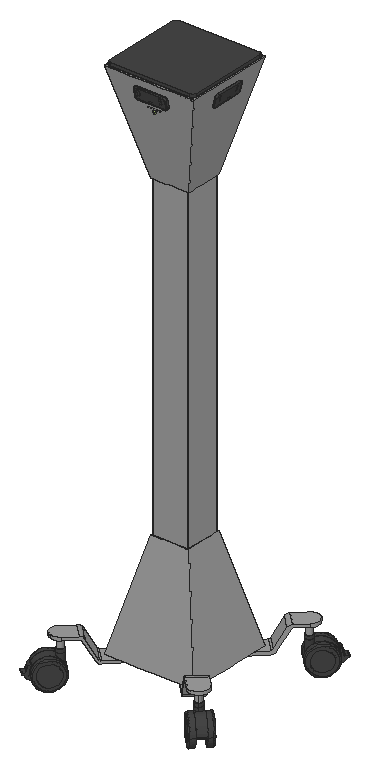
Revit family "Rechargeable Power Tower", category Generic Models, Revit 2018
Family settings
  Can host rebar = No
  Round Connector Dimension = Use Diameter
  Part Type = Normal
  Work Plane-Based = No
  Always vertical = Yes
  Cut with Voids When Loaded = No
  Shared = No
  Room Calculation Point = No
Parameters
  Finish = Rechargeable Power Tower Frame Platinum
Reference planes (in)
  plane 1 "Center (Front/Back)": y = 0
  plane 2: z = 0
  plane 3 "Center (Left/Right)": x = 0
Forms (in)
  Extrusion 1, solid, material "Rechargeable Power Tower Frame Platinum" <- "Finish"
    sketch origin (0.00105, 0.0014, 0) x (1, 0, 0) y (0, 1, 0)
      loop
        arc (-1.4776, -1.39886) -> (-1.45454, -1.45454) -> (-1.39886, -1.4776) r 0.07874
        line (-1.39886, -1.4776) -> (1.39886, -1.4776)
        arc (1.39886, -1.4776) -> (1.45281, -1.45526) -> (1.47515, -1.40132) r 0.07629
        line (1.47515, -1.40132) -> (1.47515, 1.39641)
        arc (1.47515, 1.39641) -> (1.45209, 1.45209) -> (1.39641, 1.47515) r 0.07874
        line (1.39641, 1.47515) -> (-1.41836, 1.47515)
        arc (-1.41836, 1.47515) -> (-1.46105, 1.44716) -> (-1.4776, 1.39886) r 0.07874
        line (-1.4776, 1.39886) -> (-1.4776, -1.39886)
    from 10.70021 to 36.96889
  SweptBlend 2, solid, material "Rechargeable Power Tower Frame Platinum" <- "Finish"
    path origin (0.00105, 0.0014, 0) x (1, 0, 0) y (0, 0, 1)
      loop
        line (-0.00123, 10.70021) -> (-0.00123, 2.0863)
    profile origin (-0.00018, 0.0014, 10.70021) x (0, -1, 0) y (1, 0, 0)
      loop
        line (1.56175, 1.56052) -> (-1.5593, 1.56052) -> (-1.5593, -1.56052) -> (1.56175, -1.56052) -> (1.56175, 1.56052)
    end profile origin (-0.00018, 0.0014, 2.0863) x (0, -1, 0) y (1, 0, 0)
      loop
        line (3.66264, -3.66106) -> (3.66229, 3.66141) -> (-3.66019, 3.66106) -> (-3.65984, -3.66141) -> (3.66264, -3.66106)
  Extrusion 3, solid, material "Rechargeable Power Tower Frame Platinum" <- "Finish"
    sketch origin (-0.00018, 0.00191, 0) x (0.707107, 0.707107, 0) y (0, 0, 1)
      loop
        arc (-6.86022, 3.70047) -> (-6.78148, 3.67937) -> (-6.72383, 3.62173) r 0.15748
        line (-6.72383, 3.62173) -> (-5.81462, 2.04693)
        arc (-5.81462, 2.04693) -> (-5.67052, 1.90282) -> (-5.47367, 1.85008) r 0.3937
        line (-5.47367, 1.85008) -> (-1.73351, 1.85008) -> (-1.73351, 2.0863) -> (-5.47367, 2.0863)
        arc (-5.47367, 2.0863) -> (-5.55241, 2.10739) -> (-5.61005, 2.16504) r 0.15748
        line (-5.61005, 2.16504) -> (-6.51926, 3.73984)
        arc (-6.51926, 3.73984) -> (-6.66337, 3.88394) -> (-6.86022, 3.93669) r 0.3937
        line (-6.86022, 3.93669) -> (-8.82012, 3.93669) -> (-8.82012, 3.70047) -> (-6.86022, 3.70047)
    from -0.78618 to 0.78863
  Extrusion 4, solid, material "Rechargeable Power Tower Frame Platinum" <- "Finish"
    sketch origin (-0.00018, 0.00191, 0) x (0.707107, -0.707107, 0) y (0, 0, -1)
      loop
        line (-6.86022, -3.70047) -> (-8.82012, -3.70047) -> (-8.82012, -3.93669) -> (-6.86022, -3.93669)
        arc (-6.86022, -3.93669) -> (-6.66337, -3.88394) -> (-6.51926, -3.73984) r 0.3937
        line (-6.51926, -3.73984) -> (-5.61005, -2.16504)
        arc (-5.61005, -2.16504) -> (-5.55241, -2.10739) -> (-5.47367, -2.0863) r 0.15748
        line (-5.47367, -2.0863) -> (-1.73351, -2.0863) -> (-1.73351, -1.85008) -> (-5.47367, -1.85008)
        arc (-5.47367, -1.85008) -> (-5.67052, -1.90282) -> (-5.81462, -2.04693) r 0.3937
        line (-5.81462, -2.04693) -> (-6.72383, -3.62173)
        arc (-6.72383, -3.62173) -> (-6.78148, -3.67937) -> (-6.86022, -3.70047) r 0.15748
    from -0.78618 to 0.78863
  Extrusion 5, solid, material "Rechargeable Power Tower Frame Platinum" <- "Finish"
    sketch origin (-0.00018, 0.00191, 0) x (-0.707107, 0.707107, 0) y (0, 0, 1)
      loop
        arc (-6.86022, 3.70047) -> (-6.78148, 3.67937) -> (-6.72383, 3.62173) r 0.15748
        line (-6.72383, 3.62173) -> (-5.81462, 2.04693)
        arc (-5.81462, 2.04693) -> (-5.67052, 1.90282) -> (-5.47367, 1.85008) r 0.3937
        line (-5.47367, 1.85008) -> (-1.73351, 1.85008) -> (-1.73351, 2.0863) -> (-5.47367, 2.0863)
        arc (-5.47367, 2.0863) -> (-5.55241, 2.10739) -> (-5.61005, 2.16504) r 0.15748
        line (-5.61005, 2.16504) -> (-6.51926, 3.73984)
        arc (-6.51926, 3.73984) -> (-6.66337, 3.88394) -> (-6.86022, 3.93669) r 0.3937
        line (-6.86022, 3.93669) -> (-8.82012, 3.93669) -> (-8.82012, 3.70047) -> (-6.86022, 3.70047)
    from -0.78618 to 0.78863
  Extrusion 6, solid, material "Rechargeable Power Tower Frame Platinum" <- "Finish"
    sketch origin (-0.00018, 0.00191, 0) x (-0.707107, -0.707107, 0) y (0, 0, -1)
      loop
        line (-6.86022, -3.70047) -> (-8.82012, -3.70047) -> (-8.82012, -3.93669) -> (-6.86022, -3.93669)
        arc (-6.86022, -3.93669) -> (-6.66337, -3.88394) -> (-6.51926, -3.73984) r 0.3937
        line (-6.51926, -3.73984) -> (-5.61005, -2.16504)
        arc (-5.61005, -2.16504) -> (-5.55241, -2.10739) -> (-5.47367, -2.0863) r 0.15748
        line (-5.47367, -2.0863) -> (-1.73351, -2.0863) -> (-1.73351, -1.85008) -> (-5.47367, -1.85008)
        arc (-5.47367, -1.85008) -> (-5.67052, -1.90282) -> (-5.81462, -2.04693) r 0.3937
        line (-5.81462, -2.04693) -> (-6.72383, -3.62173)
        arc (-6.72383, -3.62173) -> (-6.78148, -3.67937) -> (-6.86022, -3.70047) r 0.15748
    from -0.78618 to 0.78863
  Extrusion 7, void
    sketch origin (-0.00018, 0.00191, 0) x (0.707107, 0.707107, 0) y (-0.707107, 0.707107, 0)
      loop
        line (-8.03272, 0.78618) -> (-8.03272, 1.96137) -> (-10.03272, 1.96137) -> (-10.03272, -1.78863) -> (-8.03272, -1.78863) -> (-8.03272, -0.78863)
        arc (-8.03272, -0.78863) -> (-8.82012, -0.00123) -> (-8.03272, 0.78618) r 0.7874
      loop
        arc (-0.78618, 8.03272) -> (0.00123, 8.82012) -> (0.78863, 8.03272) r 0.7874
        line (0.78863, 8.03272) -> (1.78863, 8.03272) -> (1.78863, 10.03272) -> (-1.96137, 10.03272) -> (-1.96137, 8.03272) -> (-0.78618, 8.03272)
      loop
        line (-0.78618, -8.03272) -> (-1.96137, -8.03272) -> (-1.96137, -10.03272) -> (1.78863, -10.03272) -> (1.78863, -8.03272) -> (0.78863, -8.03272)
        arc (0.78863, -8.03272) -> (0.00123, -8.82012) -> (-0.78618, -8.03272) r 0.7874
      loop
        arc (8.03272, 0.78618) -> (8.82012, -0.00123) -> (8.03272, -0.78863) r 0.7874
        line (8.03272, -0.78863) -> (8.03272, -1.78863) -> (10.03272, -1.78863) -> (10.03272, 1.96137) -> (8.03272, 1.96137) -> (8.03272, 0.78618)
    from 0 to 12
  Extrusion 8, solid, material "Rechargeable Power Tower Frame Platinum" <- "Finish"
    sketch origin (-0.00018, 0.00191, 0) x (0.707107, 0.707107, 0) y (-0.707107, 0.707107, 0)
      loop
        circle (-8.03443, 0) r 0.35301
    from 3.54299 to 3.70047
  Extrusion 9, solid, material "Rechargeable Power Tower Frame Platinum" <- "Finish"
    sketch origin (-0.00018, 0.00191, 0) x (0.707107, 0.707107, 0) y (-0.707107, 0.707107, 0)
      loop
        circle (-8.03302, 0) r 0.23735
    from 2.83433 to 3.54299
  Extrusion 10, solid, material "Rechargeable Power Tower Frame Platinum"
    sketch origin (-0.00018, 0.00191, 0) x (0.707107, 0.707107, 0) y (-0.707107, 0.707107, 0)
      loop
        circle (-8.03312, 0) r 0.16069
    from 2.75559 to 2.83433
  Extrusion 11, solid, material "Rechargeable Power Tower Black"
    sketch origin (-0.00018, 0.00191, 0) x (0.707107, 0.707107, 0) y (-0.707107, 0.707107, 0)
      loop
        circle (-8.03367, 0) r 0.31672
    from 2.55874 to 2.75559
  Revolve 12, solid, material "Rechargeable Power Tower Black"
    sketch origin (-0.00018, 0.00191, 0) x (0.707107, 0.707107, 0) y (0, 0, 1)
      loop
        arc (-7.76518, 2.55874) -> (-7.73732, 2.5472) -> (-7.72578, 2.51934) r 0.0394
        line (-7.72578, 2.51934) -> (-7.72578, 1.618) -> (-8.03367, 1.618) -> (-8.03367, 2.55874) -> (-7.76077, 2.55874)
      axis (-8.03367, 2.55874) -> (-8.03367, 1.618)
    angle from 0 to 360
  Extrusion 13, solid, material "Rechargeable Power Tower Black"
    sketch origin (-0.00018, 0.00191, 0) x (0.707107, 0.707107, 0) y (0, 0, 1)
      loop
        circle (-8.82232, 1.17695) r 0.84819
    from 0.41394 to 0.86669
  Sweep 14, solid, material "Rechargeable Power Tower Black"
    path origin (-0.00018, 0.00191, 0) x (0.707107, 0.707107, 0) y (0, 0, 1)
      loop
        circle (-8.82232, 1.17695) r 0.84819
    profile origin (-6.2385, -6.23641, 2.02514) x (0, 0, -1) y (0.707107, -0.707107, 0)
      loop
        line (0, 0.41384) -> (0, 0.86669) -> (-0.25869, 0.86669)
        arc (-0.25869, 0.86669) -> (-0.31389, 0.84383) -> (-0.33676, 0.78863) r 0.07807
        line (-0.33676, 0.78863) -> (-0.33676, 0.41384) -> (0, 0.41384)
  Extrusion 15, solid, material "Rechargeable Power Tower Black"
    sketch origin (-0.00018, 0.00191, 0) x (0.707107, 0.707107, 0) y (0, 0, -1)
      loop
        circle (-8.82232, -1.17695) r 0.84819
    from 0.41394 to 0.86669
  Sweep 16, solid, material "Rechargeable Power Tower Black"
    path origin (-0.00018, 0.00191, 0) x (0.707107, 0.707107, 0) y (0, 0, -1)
      loop
        circle (-8.82232, -1.17695) r 0.84819
    profile origin (-6.2385, -6.23641, 2.02514) x (0, 0, 1) y (-0.707107, 0.707107, 0)
      loop
        line (0, 0.41384) -> (0.33676, 0.41384) -> (0.33676, 0.78863)
        arc (0.33676, 0.78863) -> (0.31389, 0.84383) -> (0.25869, 0.86669) r 0.07807
        line (0.25869, 0.86669) -> (0, 0.86669) -> (0, 0.41384)
  Extrusion 17, solid, material "Rechargeable Power Tower Black"
    sketch origin (-0.00018, 0.00191, 0) x (0.707107, 0.707107, 0) y (0, 0, 1)
      loop
        arc (-9.45031, 1.18078) -> (-9.42247, 1.16925) -> (-9.41094, 1.14141) r 0.03937
        line (-9.41094, 1.14141) -> (-9.41094, 0.82645)
        arc (-9.41094, 0.82645) -> (-9.39941, 0.79862) -> (-9.37157, 0.78708) r 0.03937
        line (-9.37157, 0.78708) -> (-7.7345, 0.78708)
        arc (-7.7345, 0.78708) -> (-7.70916, 0.79632) -> (-7.69571, 0.81969) r 0.03937
        arc (-7.69571, 0.81969) -> (-8.61631, 2.3511) -> (-10.00077, 1.2215) r 1.18199
        arc (-10.00077, 1.2215) -> (-9.98975, 1.1928) -> (-9.96145, 1.18078) r 0.03935
        line (-9.96145, 1.18078) -> (-9.45031, 1.18078)
    from -0.35425 to 0.35441
  Extrusion 18, solid, material "Rechargeable Power Tower Frame Platinum" <- "Finish"
    sketch origin (-0.00018, 0.00191, 0) x (0.707107, -0.707107, 0) y (0.707107, 0.707107, 0)
      loop
        circle (-8.03443, 0) r 0.35301
    from 3.54299 to 3.70047
  Extrusion 19, solid, material "Rechargeable Power Tower Frame Platinum" <- "Finish"
    sketch origin (-0.00018, 0.00191, 0) x (0.707107, -0.707107, 0) y (0.707107, 0.707107, 0)
      loop
        circle (-8.03302, 0) r 0.23735
    from 2.83433 to 3.54299
  Extrusion 20, solid, material "Rechargeable Power Tower Frame Platinum"
    sketch origin (-0.00018, 0.00191, 0) x (0.707107, -0.707107, 0) y (0.707107, 0.707107, 0)
      loop
        circle (-8.03312, 0) r 0.16069
    from 2.75559 to 2.83433
  Extrusion 21, solid, material "Rechargeable Power Tower Black"
    sketch origin (-0.00018, 0.00191, 0) x (0.707107, -0.707107, 0) y (0.707107, 0.707107, 0)
      loop
        circle (-8.03367, 0) r 0.31672
    from 2.55874 to 2.75559
  Revolve 22, solid, material "Rechargeable Power Tower Black"
    sketch origin (-0.00018, 0.00191, 0) x (0.707107, -0.707107, 0) y (0, 0, -1)
      loop
        arc (-7.76518, -2.55874) -> (-7.73732, -2.5472) -> (-7.72578, -2.51934) r 0.0394
        line (-7.72578, -2.51934) -> (-7.72578, -1.618) -> (-8.03367, -1.618) -> (-8.03367, -2.55874) -> (-7.76077, -2.55874)
      axis (-8.03367, -2.55874) -> (-8.03367, -1.618)
    angle from 0 to 360
  Extrusion 23, solid, material "Rechargeable Power Tower Black"
    sketch origin (-0.00018, 0.00191, 0) x (0.707107, -0.707107, 0) y (0, 0, -1)
      loop
        circle (-8.82232, -1.17695) r 0.84819
    from 0.41394 to 0.86669
  Sweep 24, solid, material "Rechargeable Power Tower Black"
    path origin (-0.00018, 0.00191, 0) x (0.707107, -0.707107, 0) y (0, 0, -1)
      loop
        circle (-8.82232, -1.17695) r 0.84819
    profile origin (-6.2385, 6.24023, 2.02514) x (0, 0, 1) y (0.707107, 0.707107, 0)
      loop
        line (0, 0.41384) -> (0.33676, 0.41384) -> (0.33676, 0.78863)
        arc (0.33676, 0.78863) -> (0.31389, 0.84383) -> (0.25869, 0.86669) r 0.07807
        line (0.25869, 0.86669) -> (0, 0.86669) -> (0, 0.41384)
  Extrusion 25, solid, material "Rechargeable Power Tower Black"
    sketch origin (-0.00018, 0.00191, 0) x (0.707107, -0.707107, 0) y (0, 0, 1)
      loop
        circle (-8.82232, 1.17695) r 0.84819
    from 0.41394 to 0.86669
  Sweep 26, solid, material "Rechargeable Power Tower Black"
    path origin (-0.00018, 0.00191, 0) x (0.707107, -0.707107, 0) y (0, 0, 1)
      loop
        circle (-8.82232, 1.17695) r 0.84819
    profile origin (-6.2385, 6.24023, 2.02514) x (0, 0, -1) y (-0.707107, -0.707107, 0)
      loop
        line (0, 0.41384) -> (0, 0.86669) -> (-0.25869, 0.86669)
        arc (-0.25869, 0.86669) -> (-0.31389, 0.84383) -> (-0.33676, 0.78863) r 0.07807
        line (-0.33676, 0.78863) -> (-0.33676, 0.41384) -> (0, 0.41384)
  Extrusion 27, solid, material "Rechargeable Power Tower Black"
    sketch origin (-0.00018, 0.00191, 0) x (0.707107, -0.707107, 0) y (0, 0, -1)
      loop
        line (-9.45031, -1.18078) -> (-9.96145, -1.18078)
        arc (-9.96145, -1.18078) -> (-9.98975, -1.1928) -> (-10.00077, -1.2215) r 0.03935
        arc (-10.00077, -1.2215) -> (-8.61631, -2.3511) -> (-7.69571, -0.81969) r 1.18199
        arc (-7.69571, -0.81969) -> (-7.70916, -0.79632) -> (-7.7345, -0.78708) r 0.03937
        line (-7.7345, -0.78708) -> (-9.37157, -0.78708)
        arc (-9.37157, -0.78708) -> (-9.39941, -0.79862) -> (-9.41094, -0.82645) r 0.03937
        line (-9.41094, -0.82645) -> (-9.41094, -1.14141)
        arc (-9.41094, -1.14141) -> (-9.42247, -1.16925) -> (-9.45031, -1.18078) r 0.03937
    from -0.35425 to 0.35441
  Extrusion 28, solid, material "Rechargeable Power Tower Frame Platinum" <- "Finish"
    sketch origin (-0.00018, 0.00191, 0) x (-0.707107, -0.707107, 0) y (0.707107, -0.707107, 0)
      loop
        circle (-8.03443, 0) r 0.35301
    from 3.54299 to 3.70047
  Extrusion 29, solid, material "Rechargeable Power Tower Frame Platinum" <- "Finish"
    sketch origin (-0.00018, 0.00191, 0) x (-0.707107, -0.707107, 0) y (0.707107, -0.707107, 0)
      loop
        circle (-8.03302, 0) r 0.23735
    from 2.83433 to 3.54299
  Extrusion 30, solid, material "Rechargeable Power Tower Frame Platinum"
    sketch origin (-0.00018, 0.00191, 0) x (-0.707107, -0.707107, 0) y (0.707107, -0.707107, 0)
      loop
        circle (-8.03312, 0) r 0.16069
    from 2.75559 to 2.83433
  Extrusion 31, solid, material "Rechargeable Power Tower Black"
    sketch origin (-0.00018, 0.00191, 0) x (-0.707107, -0.707107, 0) y (0.707107, -0.707107, 0)
      loop
        circle (-8.03367, 0) r 0.31672
    from 2.55874 to 2.75559
  Revolve 32, solid, material "Rechargeable Power Tower Black"
    sketch origin (-0.00018, 0.00191, 0) x (-0.707107, -0.707107, 0) y (0, 0, 1)
      loop
        arc (-7.76518, 2.55874) -> (-7.73732, 2.5472) -> (-7.72578, 2.51934) r 0.0394
        line (-7.72578, 2.51934) -> (-7.72578, 1.618) -> (-8.03367, 1.618) -> (-8.03367, 2.55874) -> (-7.76077, 2.55874)
      axis (-8.03367, 2.55874) -> (-8.03367, 1.618)
    angle from 0 to 360
  Extrusion 33, solid, material "Rechargeable Power Tower Black"
    sketch origin (-0.00018, 0.00191, 0) x (-0.707107, -0.707107, 0) y (0, 0, 1)
      loop
        circle (-8.82232, 1.17695) r 0.84819
    from 0.41394 to 0.86669
  Sweep 34, solid, material "Rechargeable Power Tower Black"
    path origin (-0.00018, 0.00191, 0) x (-0.707107, -0.707107, 0) y (0, 0, 1)
      loop
        circle (-8.82232, 1.17695) r 0.84819
    profile origin (6.23815, 6.24023, 2.02514) x (0, 0, -1) y (-0.707107, 0.707107, 0)
      loop
        line (0, 0.41384) -> (0, 0.86669) -> (-0.25869, 0.86669)
        arc (-0.25869, 0.86669) -> (-0.31389, 0.84383) -> (-0.33676, 0.78863) r 0.07807
        line (-0.33676, 0.78863) -> (-0.33676, 0.41384) -> (0, 0.41384)
  Extrusion 35, solid, material "Rechargeable Power Tower Black"
    sketch origin (-0.00018, 0.00191, 0) x (-0.707107, -0.707107, 0) y (0, 0, -1)
      loop
        circle (-8.82232, -1.17695) r 0.84819
    from 0.41394 to 0.86669
  Sweep 36, solid, material "Rechargeable Power Tower Black"
    path origin (-0.00018, 0.00191, 0) x (-0.707107, -0.707107, 0) y (0, 0, -1)
      loop
        circle (-8.82232, -1.17695) r 0.84819
    profile origin (6.23815, 6.24023, 2.02514) x (0, 0, 1) y (0.707107, -0.707107, 0)
      loop
        line (0, 0.41384) -> (0.33676, 0.41384) -> (0.33676, 0.78863)
        arc (0.33676, 0.78863) -> (0.31389, 0.84383) -> (0.25869, 0.86669) r 0.07807
        line (0.25869, 0.86669) -> (0, 0.86669) -> (0, 0.41384)
  Extrusion 37, solid, material "Rechargeable Power Tower Black"
    sketch origin (-0.00018, 0.00191, 0) x (-0.707107, -0.707107, 0) y (0, 0, 1)
      loop
        arc (-9.45031, 1.18078) -> (-9.42247, 1.16925) -> (-9.41094, 1.14141) r 0.03937
        line (-9.41094, 1.14141) -> (-9.41094, 0.82645)
        arc (-9.41094, 0.82645) -> (-9.39941, 0.79862) -> (-9.37157, 0.78708) r 0.03937
        line (-9.37157, 0.78708) -> (-7.7345, 0.78708)
        arc (-7.7345, 0.78708) -> (-7.70916, 0.79632) -> (-7.69571, 0.81969) r 0.03937
        arc (-7.69571, 0.81969) -> (-8.61631, 2.3511) -> (-10.00077, 1.2215) r 1.18199
        arc (-10.00077, 1.2215) -> (-9.98975, 1.1928) -> (-9.96145, 1.18078) r 0.03935
        line (-9.96145, 1.18078) -> (-9.45031, 1.18078)
    from -0.35425 to 0.35441
  Extrusion 38, solid, material "Rechargeable Power Tower Frame Platinum" <- "Finish"
    sketch origin (-0.00018, 0.00191, 0) x (-0.707107, 0.707107, 0) y (-0.707107, -0.707107, 0)
      loop
        circle (-8.03443, 0) r 0.35301
    from 3.54299 to 3.70047
  Extrusion 39, solid, material "Rechargeable Power Tower Frame Platinum" <- "Finish"
    sketch origin (-0.00018, 0.00191, 0) x (-0.707107, 0.707107, 0) y (-0.707107, -0.707107, 0)
      loop
        circle (-8.03302, 0) r 0.23735
    from 2.83433 to 3.54299
  Extrusion 40, solid, material "Rechargeable Power Tower Frame Platinum"
    sketch origin (-0.00018, 0.00191, 0) x (-0.707107, 0.707107, 0) y (-0.707107, -0.707107, 0)
      loop
        circle (-8.03312, 0) r 0.16069
    from 2.75559 to 2.83433
  Extrusion 41, solid, material "Rechargeable Power Tower Black"
    sketch origin (-0.00018, 0.00191, 0) x (-0.707107, 0.707107, 0) y (-0.707107, -0.707107, 0)
      loop
        circle (-8.03367, 0) r 0.31672
    from 2.55874 to 2.75559
  Revolve 42, solid, material "Rechargeable Power Tower Black"
    sketch origin (-0.00018, 0.00191, 0) x (-0.707107, 0.707107, 0) y (0, 0, -1)
      loop
        arc (-7.76518, -2.55874) -> (-7.73732, -2.5472) -> (-7.72578, -2.51934) r 0.0394
        line (-7.72578, -2.51934) -> (-7.72578, -1.618) -> (-8.03367, -1.618) -> (-8.03367, -2.55874) -> (-7.76077, -2.55874)
      axis (-8.03367, -2.55874) -> (-8.03367, -1.618)
    angle from 0 to 360
  Extrusion 43, solid, material "Rechargeable Power Tower Black"
    sketch origin (-0.00018, 0.00191, 0) x (-0.707107, 0.707107, 0) y (0, 0, -1)
      loop
        circle (-8.82232, -1.17695) r 0.84819
    from 0.41394 to 0.86669
  Sweep 44, solid, material "Rechargeable Power Tower Black"
    path origin (-0.00018, 0.00191, 0) x (-0.707107, 0.707107, 0) y (0, 0, -1)
      loop
        circle (-8.82232, -1.17695) r 0.84819
    profile origin (6.23815, -6.23641, 2.02514) x (0, 0, 1) y (-0.707107, -0.707107, 0)
      loop
        line (0, 0.41384) -> (0.33676, 0.41384) -> (0.33676, 0.78863)
        arc (0.33676, 0.78863) -> (0.31389, 0.84383) -> (0.25869, 0.86669) r 0.07807
        line (0.25869, 0.86669) -> (0, 0.86669) -> (0, 0.41384)
  Extrusion 45, solid, material "Rechargeable Power Tower Black"
    sketch origin (-0.00018, 0.00191, 0) x (-0.707107, 0.707107, 0) y (0, 0, 1)
      loop
        circle (-8.82232, 1.17695) r 0.84819
    from 0.41394 to 0.86669
  Sweep 46, solid, material "Rechargeable Power Tower Black"
    path origin (-0.00018, 0.00191, 0) x (-0.707107, 0.707107, 0) y (0, 0, 1)
      loop
        circle (-8.82232, 1.17695) r 0.84819
    profile origin (6.23815, -6.23641, 2.02514) x (0, 0, -1) y (0.707107, 0.707107, 0)
      loop
        line (0, 0.41384) -> (0, 0.86669) -> (-0.25869, 0.86669)
        arc (-0.25869, 0.86669) -> (-0.31389, 0.84383) -> (-0.33676, 0.78863) r 0.07807
        line (-0.33676, 0.78863) -> (-0.33676, 0.41384) -> (0, 0.41384)
  Extrusion 47, solid, material "Rechargeable Power Tower Black"
    sketch origin (-0.00018, 0.00191, 0) x (-0.707107, 0.707107, 0) y (0, 0, -1)
      loop
        line (-9.45031, -1.18078) -> (-9.96145, -1.18078)
        arc (-9.96145, -1.18078) -> (-9.98975, -1.1928) -> (-10.00077, -1.2215) r 0.03935
        arc (-10.00077, -1.2215) -> (-8.61631, -2.3511) -> (-7.69571, -0.81969) r 1.18199
        arc (-7.69571, -0.81969) -> (-7.70916, -0.79632) -> (-7.7345, -0.78708) r 0.03937
        line (-7.7345, -0.78708) -> (-9.37157, -0.78708)
        arc (-9.37157, -0.78708) -> (-9.39941, -0.79862) -> (-9.41094, -0.82645) r 0.03937
        line (-9.41094, -0.82645) -> (-9.41094, -1.14141)
        arc (-9.41094, -1.14141) -> (-9.42247, -1.16925) -> (-9.45031, -1.18078) r 0.03937
    from -0.35425 to 0.35441
  Extrusion 48, solid, material "Rechargeable Power Tower Black"
    sketch origin (0.51656, -1.24213, 0) x (0.707107, 0.707107, 0) y (0, 0, 1)
      loop
        arc (-9.45712, 1.76975) -> (-9.45787, 1.79616) -> (-9.48427, 1.79724) r 0.01937
        arc (-9.48427, 1.79724) -> (-9.59339, 1.70857) -> (-9.65917, 1.58431) r 0.35251
        arc (-9.65917, 1.58431) -> (-9.68877, 1.4673) -> (-9.70932, 1.34837) r 1.57482
        arc (-9.70932, 1.34837) -> (-9.73956, 1.2814) -> (-9.80167, 1.24213) r 0.12789
        line (-9.80167, 1.24213) -> (-10.05267, 1.17487)
        arc (-10.05267, 1.17487) -> (-10.06688, 1.16066) -> (-10.06168, 1.14125) r 0.02009
        line (-10.06168, 1.14125) -> (-9.98195, 1.07195) -> (-9.90932, 1.09141)
        arc (-9.90932, 1.09141) -> (-9.42147, 0.72021) -> (-9.00863, 1.17336) r 0.45398
        line (-9.00863, 1.17336) -> (-9.24759, 1.17336) -> (-9.31578, 1.05525)
        arc (-9.31578, 1.05525) -> (-9.46227, 0.97449) -> (-9.60192, 1.06657) r 0.16176
        line (-9.60192, 1.06657) -> (-9.60192, 1.20002)
        arc (-9.60192, 1.20002) -> (-9.56487, 1.4939) -> (-9.45712, 1.76975) r 1.19601
    from -1.58739 to -0.87872
  Extrusion 49, solid, material "Rechargeable Power Tower Black"
    sketch origin (1.24213, -0.51656, 0) x (-0.707107, -0.707107, 0) y (0, 0, -1)
      loop
        arc (-9.45712, -1.76975) -> (-9.56487, -1.4939) -> (-9.60192, -1.20002) r 1.19601
        line (-9.60192, -1.20002) -> (-9.60192, -1.06657)
        arc (-9.60192, -1.06657) -> (-9.46227, -0.97449) -> (-9.31578, -1.05525) r 0.16176
        line (-9.31578, -1.05525) -> (-9.24759, -1.17336) -> (-9.00863, -1.17336)
        arc (-9.00863, -1.17336) -> (-9.42147, -0.72021) -> (-9.90932, -1.09141) r 0.45398
        line (-9.90932, -1.09141) -> (-9.98195, -1.07195) -> (-10.06168, -1.14125)
        arc (-10.06168, -1.14125) -> (-10.06688, -1.16066) -> (-10.05267, -1.17487) r 0.02009
        line (-10.05267, -1.17487) -> (-9.80167, -1.24213)
        arc (-9.80167, -1.24213) -> (-9.73956, -1.2814) -> (-9.70932, -1.34837) r 0.12789
        arc (-9.70932, -1.34837) -> (-9.68877, -1.4673) -> (-9.65917, -1.58431) r 1.57482
        arc (-9.65917, -1.58431) -> (-9.59339, -1.70857) -> (-9.48427, -1.79724) r 0.35251
        arc (-9.48427, -1.79724) -> (-9.45787, -1.79616) -> (-9.45712, -1.76975) r 0.01937
    from -1.58739 to -0.87872
  SweptBlend 50, solid, material "Rechargeable Power Tower Frame Platinum" <- "Finish"
    path origin (0.00105, 0.0014, 47.6691) x (1, 0, 0) y (0, 0, 1)
      loop
        line (-0.00123, -10.70021) -> (-0.00123, -2.26721)
    profile origin (-0.00018, 0.0014, 36.96889) x (-1, 0, 0) y (0, -1, 0)
      loop
        line (-1.56052, 1.56175) -> (-1.56052, -1.5593) -> (1.56052, -1.5593) -> (1.56052, 1.56175) -> (-1.56052, 1.56175)
    end profile origin (-0.00018, 0.0014, 45.40189) x (-1, 0, 0) y (0, -1, 0)
      loop
        line (3.66106, 3.66264) -> (-3.66141, 3.66229) -> (-3.66106, -3.66019) -> (3.66141, -3.65984) -> (3.66106, 3.66264)
  Extrusion 51, solid, material "Rechargeable Power Tower Frame Platinum" <- "Finish"
    sketch origin (0.00105, 0.0014, 5.89748) x (1, 0, 0) y (0, 1, 0)
      loop
        line (3.58756, 3.58756) -> (-3.59001, 3.58756) -> (-3.59001, -3.59001) -> (3.58756, -3.59001) -> (3.58756, 3.58756)
    from 39.50441 to 39.59785
  Sweep 52, solid, material "Rechargeable Power Tower Frame Platinum" <- "Finish"
    path origin (0.00105, 0.0014, 5.89748) x (1, 0, 0) y (0, 1, 0)
      loop
        line (-3.59001, 3.58756) -> (-3.59001, -3.59001) -> (3.58756, -3.59001) -> (3.58756, 3.58756) -> (-3.59001, 3.58756)
    profile origin (-3.58896, 0.00018, 5.89748) x (1, 0, 0) y (0, 0, 1)
      loop
        line (-0.07227, 39.50441) -> (0.00245, 39.50441) -> (0.00245, 39.59785)
        arc (0.00245, 39.59785) -> (-0.05792, 39.56954) -> (-0.07227, 39.50441) r 0.07545
  Extrusion 53, solid, material "Rechargeable Power Tower Black"
    sketch origin (0.00105, 0.0014, 5.89748) x (1, 0, 0) y (0, 1, 0)
      loop
        line (-3.34768, 2.95153) -> (-3.34768, -2.95398)
        arc (-3.34768, -2.95398) -> (-3.23237, -3.23237) -> (-2.95398, -3.34768) r 0.3937
        line (-2.95398, -3.34768) -> (2.95153, -3.34768)
        arc (2.95153, -3.34768) -> (3.22992, -3.23237) -> (3.34523, -2.95398) r 0.3937
        line (3.34523, -2.95398) -> (3.34523, 2.95153)
        arc (3.34523, 2.95153) -> (3.22992, 3.22992) -> (2.95153, 3.34523) r 0.3937
        line (2.95153, 3.34523) -> (-2.95398, 3.34523)
        arc (-2.95398, 3.34523) -> (-3.23237, 3.22992) -> (-3.34768, 2.95153) r 0.3937
    from 39.59785 to 39.67659
  Extrusion 54, solid, material "Rechargeable Power Tower Black"
    sketch origin (0, 0, 0) x (1, 0, 0) y (0, 1, 0)
      loop
        arc (-3.2273, 3.54713) -> (-3.45001, 3.45488) -> (-3.54226, 3.23217) r 0.31496
        line (-3.54226, 3.23217) -> (-3.54226, -3.22452)
        arc (-3.54226, -3.22452) -> (-3.45001, -3.44723) -> (-3.2273, -3.53948) r 0.31496
        line (-3.2273, -3.53948) -> (3.2294, -3.53948)
        arc (3.2294, -3.53948) -> (3.45211, -3.44723) -> (3.54436, -3.22452) r 0.31496
        line (3.54436, -3.22452) -> (3.54436, 3.23217)
        arc (3.54436, 3.23217) -> (3.45211, 3.45488) -> (3.2294, 3.54713) r 0.31496
        line (3.2294, 3.54713) -> (-3.2273, 3.54713)
    from 45.49533 to 45.69278
  Extrusion 55, solid, material "Rechargeable Power Tower Black"
    sketch origin (0, 1.3152, -0.54674) x (1, 0, 0) y (0, -0.239381, 0.970926)
      loop
        line (0.59357, 5.15965) -> (0.59357, 6.18573)
        arc (0.59357, 6.18573) -> (0.5682, 6.24698) -> (0.50696, 6.27235) r 0.08661
        line (0.50696, 6.27235) -> (-0.4458, 6.27235)
        arc (-0.4458, 6.27235) -> (-0.50526, 6.24772) -> (-0.5299, 6.18825) r 0.0841
        line (-0.5299, 6.18825) -> (-0.5299, 5.15965)
        arc (-0.5299, 5.15965) -> (-0.50526, 5.10019) -> (-0.4458, 5.07556) r 0.0841
        line (-0.4458, 5.07556) -> (0.50947, 5.07556)
        arc (0.50947, 5.07556) -> (0.56894, 5.10019) -> (0.59357, 5.15965) r 0.0841
    from -2.97151 to -1.93928
  Extrusion 56, void
    sketch origin (0, 1.30517, -0.54152) x (1, 0, 0) y (0, -0.236524, 0.971626)
      loop
        line (0.4305, 5.78069) -> (-0.36706, 5.78069)
        arc (-0.36706, 5.78069) -> (-0.42274, 5.75762) -> (-0.4458, 5.70195) r 0.07874
        line (-0.4458, 5.70195) -> (-0.4458, 5.36403) -> (-0.24501, 5.16908) -> (0.30617, 5.16908) -> (0.50696, 5.36442) -> (0.50696, 5.70423)
        arc (0.50696, 5.70423) -> (0.48456, 5.75829) -> (0.4305, 5.78069) r 0.07645
      loop
        line (0.38491, 5.65645) -> (0.22743, 5.65645) -> (0.22743, 5.4271) -> (0.38491, 5.4271) -> (0.38491, 5.65645)
      loop
        line (0.32585, 5.60867) -> (0.28648, 5.60867) -> (0.28648, 5.47488) -> (0.32585, 5.47488) -> (0.32585, 5.60867)
      loop
        line (0.10932, 5.50369) -> (-0.04816, 5.50369) -> (-0.04816, 5.27434) -> (0.10932, 5.27434) -> (0.10932, 5.50369)
      loop
        line (0.05026, 5.45591) -> (0.01089, 5.45591) -> (0.01089, 5.32212) -> (0.05026, 5.32212) -> (0.05026, 5.45591)
      loop
        line (-0.16627, 5.65645) -> (-0.32375, 5.65645) -> (-0.32375, 5.4271) -> (-0.16627, 5.4271) -> (-0.16627, 5.65645)
      loop
        line (-0.22533, 5.60867) -> (-0.2647, 5.60867) -> (-0.2647, 5.47488) -> (-0.22533, 5.47488) -> (-0.22533, 5.60867)
    from -3.02181 to -2.33319
  Extrusion 57, solid, material "Rechargeable Power Tower Black"
    sketch origin (0.38547, -24.96053, 29.25225) x (0, 1, 0) y (-0.239381, 0, 0.970926)
      loop
        line (26.08677, 15.92217) -> (23.83429, 15.92217)
        arc (23.83429, 15.92217) -> (23.75075, 15.88756) -> (23.71614, 15.80402) r 0.11815
        line (23.71614, 15.80402) -> (23.71614, 15.12253)
        arc (23.71614, 15.12253) -> (23.74726, 15.04244) -> (23.82429, 15.00438) r 0.11861
        line (23.82429, 15.00438) -> (26.09677, 15.00438)
        arc (26.09677, 15.00438) -> (26.1738, 15.04244) -> (26.20492, 15.12253) r 0.11861
        line (26.20492, 15.12253) -> (26.20492, 15.80402)
        arc (26.20492, 15.80402) -> (26.17032, 15.88756) -> (26.08677, 15.92217) r 0.11815
    from -0.26288 to 0.27882
  Sweep 58, solid, material "Rechargeable Power Tower Black"
    path origin (0.38547, -24.96053, 29.25225) x (0, 1, 0) y (-0.239381, 0, 0.970926)
      loop
        line (26.08677, 15.92217) -> (23.83429, 15.92217)
        arc (23.83429, 15.92217) -> (23.75075, 15.88756) -> (23.71614, 15.80402) r 0.11815
        line (23.71614, 15.80402) -> (23.71614, 15.12253)
        arc (23.71614, 15.12253) -> (23.74726, 15.04244) -> (23.82429, 15.00438) r 0.11861
        line (23.82429, 15.00438) -> (26.09677, 15.00438)
        arc (26.09677, 15.00438) -> (26.1738, 15.04244) -> (26.20492, 15.12253) r 0.11861
        line (26.20492, 15.12253) -> (26.20492, 15.80402)
        arc (26.20492, 15.80402) -> (26.17032, 15.88756) -> (26.08677, 15.92217) r 0.11815
    profile origin (-3.42599, 0, 44.71149) x (0.239381, 0, -0.970926) y (0.970926, 0, 0.239381)
      loop
        line (0, -0.00609) -> (-0.08213, -0.00609) -> (-0.07901, -0.18482)
        arc (-0.07901, -0.18482) -> (-0.05581, -0.24035) -> (0, -0.26287) r 0.07806
        line (0, -0.26287) -> (0, -0.00609)
  Extrusion 59, void
    sketch origin (0.38547, -24.96053, 29.25225) x (0, 1, 0) y (-0.239381, 0, 0.970926)
      loop
        line (25.95862, 15.83301) -> (25.72216, 15.83301) -> (25.72216, 15.29384) -> (25.95862, 15.29384) -> (25.95862, 15.83301)
      loop
        line (23.96244, 15.83301) -> (23.96244, 15.29384) -> (24.19891, 15.29384) -> (24.19891, 15.83301) -> (23.96244, 15.83301)
      loop
        line (25.09356, 15.25797) -> (24.82552, 15.25797)
        arc (24.82552, 15.25797) -> (24.78939, 15.243) -> (24.77442, 15.20686) r 0.0511
        line (24.77442, 15.20686) -> (24.77442, 15.16923)
        arc (24.77442, 15.16923) -> (24.78939, 15.13309) -> (24.82552, 15.11813) r 0.0511
        line (24.82552, 15.11813) -> (25.09356, 15.11813)
        arc (25.09356, 15.11813) -> (25.12969, 15.13309) -> (25.14466, 15.16923) r 0.0511
        line (25.14466, 15.16923) -> (25.14466, 15.20686)
        arc (25.14466, 15.20686) -> (25.12969, 15.243) -> (25.09356, 15.25797) r 0.0511
    from -0.53422 to 0.23409
  Extrusion 60, solid, material "Rechargeable Power Tower Black"
    sketch origin (-24.96053, 0.38547, 29.25225) x (1, 0, 0) y (0, 0.239381, -0.970926)
      loop
        arc (26.08677, -15.92217) -> (26.17032, -15.88756) -> (26.20492, -15.80402) r 0.11815
        line (26.20492, -15.80402) -> (26.20492, -15.12253)
        arc (26.20492, -15.12253) -> (26.1738, -15.04244) -> (26.09677, -15.00438) r 0.11861
        line (26.09677, -15.00438) -> (23.82429, -15.00438)
        arc (23.82429, -15.00438) -> (23.74726, -15.04244) -> (23.71614, -15.12253) r 0.11861
        line (23.71614, -15.12253) -> (23.71614, -15.80402)
        arc (23.71614, -15.80402) -> (23.75075, -15.88756) -> (23.83429, -15.92217) r 0.11815
        line (23.83429, -15.92217) -> (26.08677, -15.92217)
    from -0.26288 to 0.96058
  Sweep 61, solid, material "Rechargeable Power Tower Black"
    path origin (-24.96053, 0.38547, 29.25225) x (1, 0, 0) y (0, 0.239381, -0.970926)
      loop
        arc (26.08677, -15.92217) -> (26.17032, -15.88756) -> (26.20492, -15.80402) r 0.11815
        line (26.20492, -15.80402) -> (26.20492, -15.12253)
        arc (26.20492, -15.12253) -> (26.1738, -15.04244) -> (26.09677, -15.00438) r 0.11861
        line (26.09677, -15.00438) -> (23.82429, -15.00438)
        arc (23.82429, -15.00438) -> (23.74726, -15.04244) -> (23.71614, -15.12253) r 0.11861
        line (23.71614, -15.12253) -> (23.71614, -15.80402)
        arc (23.71614, -15.80402) -> (23.75075, -15.88756) -> (23.83429, -15.92217) r 0.11815
        line (23.83429, -15.92217) -> (26.08677, -15.92217)
    profile origin (0, -3.42599, 44.71149) x (0, -0.239381, 0.970926) y (0, 0.970926, 0.239381)
      loop
        line (0, -0.00609) -> (0, -0.26287)
        arc (0, -0.26287) -> (0.05581, -0.24035) -> (0.07901, -0.18482) r 0.07806
        line (0.07901, -0.18482) -> (0.08213, -0.00609) -> (0, -0.00609)
  Extrusion 62, void
    sketch origin (-24.96053, 0.38547, 29.25225) x (1, 0, 0) y (0, 0.239381, -0.970926)
      loop
        line (25.95862, -15.83301) -> (25.95862, -15.29384) -> (25.72216, -15.29384) -> (25.72216, -15.83301) -> (25.95862, -15.83301)
      loop
        line (23.96244, -15.83301) -> (24.19891, -15.83301) -> (24.19891, -15.29384) -> (23.96244, -15.29384) -> (23.96244, -15.83301)
      loop
        arc (25.09356, -15.25797) -> (25.12969, -15.243) -> (25.14466, -15.20686) r 0.0511
        line (25.14466, -15.20686) -> (25.14466, -15.16923)
        arc (25.14466, -15.16923) -> (25.12969, -15.13309) -> (25.09356, -15.11813) r 0.0511
        line (25.09356, -15.11813) -> (24.82552, -15.11813)
        arc (24.82552, -15.11813) -> (24.78939, -15.13309) -> (24.77442, -15.16923) r 0.0511
        line (24.77442, -15.16923) -> (24.77442, -15.20686)
        arc (24.77442, -15.20686) -> (24.78939, -15.243) -> (24.82552, -15.25797) r 0.0511
        line (24.82552, -15.25797) -> (25.09356, -15.25797)
    from -0.53422 to 0.23409
  Extrusion 63, solid, material "Rechargeable Power Tower Black"
    sketch origin (-0.38547, 24.96053, 29.25225) x (0, -1, 0) y (0.239381, 0, 0.970926)
      loop
        line (26.08677, 15.92217) -> (23.83429, 15.92217)
        arc (23.83429, 15.92217) -> (23.75075, 15.88756) -> (23.71614, 15.80402) r 0.11815
        line (23.71614, 15.80402) -> (23.71614, 15.12253)
        arc (23.71614, 15.12253) -> (23.74726, 15.04244) -> (23.82429, 15.00438) r 0.11861
        line (23.82429, 15.00438) -> (26.09677, 15.00438)
        arc (26.09677, 15.00438) -> (26.1738, 15.04244) -> (26.20492, 15.12253) r 0.11861
        line (26.20492, 15.12253) -> (26.20492, 15.80402)
        arc (26.20492, 15.80402) -> (26.17032, 15.88756) -> (26.08677, 15.92217) r 0.11815
    from -0.26288 to 0.27882
  Sweep 64, solid, material "Rechargeable Power Tower Black"
    path origin (-0.38547, 24.96053, 29.25225) x (0, -1, 0) y (0.239381, 0, 0.970926)
      loop
        line (26.08677, 15.92217) -> (23.83429, 15.92217)
        arc (23.83429, 15.92217) -> (23.75075, 15.88756) -> (23.71614, 15.80402) r 0.11815
        line (23.71614, 15.80402) -> (23.71614, 15.12253)
        arc (23.71614, 15.12253) -> (23.74726, 15.04244) -> (23.82429, 15.00438) r 0.11861
        line (23.82429, 15.00438) -> (26.09677, 15.00438)
        arc (26.09677, 15.00438) -> (26.1738, 15.04244) -> (26.20492, 15.12253) r 0.11861
        line (26.20492, 15.12253) -> (26.20492, 15.80402)
        arc (26.20492, 15.80402) -> (26.17032, 15.88756) -> (26.08677, 15.92217) r 0.11815
    profile origin (3.42599, 0, 44.71149) x (-0.239381, 0, -0.970926) y (-0.970926, 0, 0.239381)
      loop
        line (0, -0.00609) -> (-0.08213, -0.00609) -> (-0.07901, -0.18482)
        arc (-0.07901, -0.18482) -> (-0.05581, -0.24035) -> (0, -0.26287) r 0.07806
        line (0, -0.26287) -> (0, -0.00609)
  Extrusion 65, void
    sketch origin (-0.38547, 24.96053, 29.25225) x (0, -1, 0) y (0.239381, 0, 0.970926)
      loop
        line (25.95862, 15.83301) -> (25.72216, 15.83301) -> (25.72216, 15.29384) -> (25.95862, 15.29384) -> (25.95862, 15.83301)
      loop
        line (23.96244, 15.83301) -> (23.96244, 15.29384) -> (24.19891, 15.29384) -> (24.19891, 15.83301) -> (23.96244, 15.83301)
      loop
        line (25.09356, 15.25797) -> (24.82552, 15.25797)
        arc (24.82552, 15.25797) -> (24.78939, 15.243) -> (24.77442, 15.20686) r 0.0511
        line (24.77442, 15.20686) -> (24.77442, 15.16923)
        arc (24.77442, 15.16923) -> (24.78939, 15.13309) -> (24.82552, 15.11813) r 0.0511
        line (24.82552, 15.11813) -> (25.09356, 15.11813)
        arc (25.09356, 15.11813) -> (25.12969, 15.13309) -> (25.14466, 15.16923) r 0.0511
        line (25.14466, 15.16923) -> (25.14466, 15.20686)
        arc (25.14466, 15.20686) -> (25.12969, 15.243) -> (25.09356, 15.25797) r 0.0511
    from -0.53422 to 0.23409
  Extrusion 66, solid, material "Rechargeable Power Tower Black"
    sketch origin (24.96053, -0.38547, 29.25225) x (-1, 0, 0) y (0, -0.239381, -0.970926)
      loop
        arc (26.08677, -15.92217) -> (26.17032, -15.88756) -> (26.20492, -15.80402) r 0.11815
        line (26.20492, -15.80402) -> (26.20492, -15.12253)
        arc (26.20492, -15.12253) -> (26.1738, -15.04244) -> (26.09677, -15.00438) r 0.11861
        line (26.09677, -15.00438) -> (23.82429, -15.00438)
        arc (23.82429, -15.00438) -> (23.74726, -15.04244) -> (23.71614, -15.12253) r 0.11861
        line (23.71614, -15.12253) -> (23.71614, -15.80402)
        arc (23.71614, -15.80402) -> (23.75075, -15.88756) -> (23.83429, -15.92217) r 0.11815
        line (23.83429, -15.92217) -> (26.08677, -15.92217)
    from -0.26288 to 0.27882
  Sweep 67, solid, material "Rechargeable Power Tower Black"
    path origin (24.96053, -0.38547, 29.25225) x (-1, 0, 0) y (0, -0.239381, -0.970926)
      loop
        arc (26.08677, -15.92217) -> (26.17032, -15.88756) -> (26.20492, -15.80402) r 0.11815
        line (26.20492, -15.80402) -> (26.20492, -15.12253)
        arc (26.20492, -15.12253) -> (26.1738, -15.04244) -> (26.09677, -15.00438) r 0.11861
        line (26.09677, -15.00438) -> (23.82429, -15.00438)
        arc (23.82429, -15.00438) -> (23.74726, -15.04244) -> (23.71614, -15.12253) r 0.11861
        line (23.71614, -15.12253) -> (23.71614, -15.80402)
        arc (23.71614, -15.80402) -> (23.75075, -15.88756) -> (23.83429, -15.92217) r 0.11815
        line (23.83429, -15.92217) -> (26.08677, -15.92217)
    profile origin (0, 3.42599, 44.71149) x (0, 0.239381, 0.970926) y (0, -0.970926, 0.239381)
      loop
        line (0, -0.00609) -> (0, -0.26287)
        arc (0, -0.26287) -> (0.05581, -0.24035) -> (0.07901, -0.18482) r 0.07806
        line (0.07901, -0.18482) -> (0.08213, -0.00609) -> (0, -0.00609)
  Extrusion 68, void
    sketch origin (24.96053, -0.38547, 29.25225) x (-1, 0, 0) y (0, -0.239381, -0.970926)
      loop
        line (25.95862, -15.83301) -> (25.95862, -15.29384) -> (25.72216, -15.29384) -> (25.72216, -15.83301) -> (25.95862, -15.83301)
      loop
        line (23.96244, -15.83301) -> (24.19891, -15.83301) -> (24.19891, -15.29384) -> (23.96244, -15.29384) -> (23.96244, -15.83301)
      loop
        arc (25.09356, -15.25797) -> (25.12969, -15.243) -> (25.14466, -15.20686) r 0.0511
        line (25.14466, -15.20686) -> (25.14466, -15.16923)
        arc (25.14466, -15.16923) -> (25.12969, -15.13309) -> (25.09356, -15.11813) r 0.0511
        line (25.09356, -15.11813) -> (24.82552, -15.11813)
        arc (24.82552, -15.11813) -> (24.78939, -15.13309) -> (24.77442, -15.16923) r 0.0511
        line (24.77442, -15.16923) -> (24.77442, -15.20686)
        arc (24.77442, -15.20686) -> (24.78939, -15.243) -> (24.82552, -15.25797) r 0.0511
        line (24.82552, -15.25797) -> (25.09356, -15.25797)
    from -0.53422 to 0.23409
  Extrusion 69, solid, material "Rechargeable Power Tower Lights"
    sketch origin (0, 10.26201, 2.00582) x (1, 0, 0) y (0, -0.239381, 0.970926)
      loop
        circle (-0.47018, 43.27622) r 0.02753
      loop
        circle (-0.23516, 43.27622) r 0.02753
      loop
        circle (0, 43.27622) r 0.02753
      loop
        circle (0.47702, 43.27622) r 0.02753
      loop
        circle (0.2376, 43.27622) r 0.02753
    from 2.95317 to 3.1264
  Revolve 70, solid, material "Rechargeable Power Tower Lights"
    sketch origin (0, 0, 0) x (0, 1, 0) y (0, 0, 1)
      loop
        line (-3.11144, 43.0071) -> (-3.05718, 43.02061) -> (-3.08475, 43.13241) -> (-3.11852, 43.12409)
        arc (-3.11852, 43.12409) -> (-3.13195, 43.11383) -> (-3.1336, 43.09701) r 0.02118
        line (-3.1336, 43.09701) -> (-3.11144, 43.0071)
      axis (-3.11144, 43.0071) -> (-3.05691, 43.02068)
    angle from 0 to 360
Cuts and joins
  Extrusion 7 cuts Extrusion 3
  Extrusion 7 cuts Extrusion 4
  Extrusion 7 cuts Extrusion 5
  Extrusion 7 cuts Extrusion 6
  Extrusion 56 cuts SweptBlend 2
  Extrusion 56 cuts Extrusion 55
  Extrusion 59, Extrusion 62 cuts Extrusion 57
  Extrusion 59, Extrusion 62, Extrusion 65, Extrusion 68 cuts SweptBlend 50
  Extrusion 62, Extrusion 65 cuts Extrusion 60
  Extrusion 65, Extrusion 68 cuts Extrusion 63
  Extrusion 68 cuts Extrusion 66
Dimensions and locks (in)
  aligned and locked: plane 2 to level
